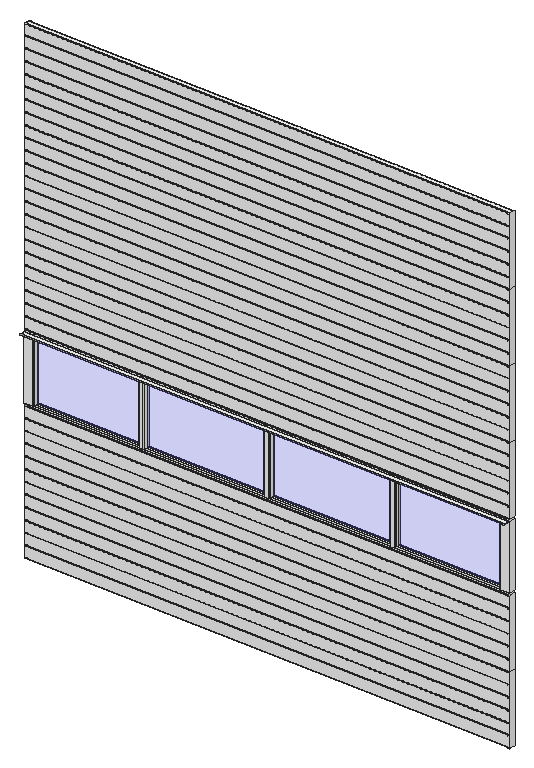
Revit family
Parameters (values of type "By Type")
  Windload = "Doors available rated for various design pressures; consult Clopay for avaialbility and specifications"
  VisSection6 = NumSections = 6  # no
  VisSection5 = NumSections > 4  # yes
  VisSection4 = NumSections > 3  # yes
  VisSection3 = NumSections > 2  # yes
  VisArray = NumSections > 6  # yes
  URL = "www.clopaydoor.com"
  Track = "Galvanized steel (gauge varies according to door size)"
  Thickness = 0' - 2"  # constant formula
  Spec Wizard = "http://www.arcat.com/specwizard/08360clo/index.htm"
  Section Height = Height / NumSections  # 2' - 0"
  Section 5 Glazing = Section : Solid
  Section 4 Glazing = Section : Solid
  Section 3 Glazing = Full Vision Section : Intermediate
  Sales Information = "http://www.clopaydoor.com/where-to-buy.aspx?type=dealer"
  Rough Width = 0' - 0"  # constant formula
  Rough Height = 0' - 0"  # constant formula
  R-Value = "15.05"
  Product Features and Benefits = "http://www.clopaydoor.com/insulated-polyurethane-applications.aspx"
  Overlapping Jamb = yes
  Overlap = if(Overlapping Jamb, 0' 1", 0' 0")  # 0' - 1"
  Opening Width = 14' - 0"
  Opening Height = 14' - 0"
  Omniclass Table = "23-30 10 17 37 "
  NumSectionsNotRounded = Height / 2' 0"  # 7
  NumSections = NumSectionsNotRounded + 0.4999  # 7
  NumArraySections = if(NumSections > 6, NumSections - 5, 2)  # 2
  Model = "3717"
  Maximum Size = "Maximum 32' 2'' wide by 26' 0'' high. Additional limitations may apply do to door weight. Consult Clopay for specificiations and shop drawings."  # constant formula
  Manufacturer Website = "http://www.clopaydoor.com"
  Manufacturer Phone Number = "1-800-526-4301"
  Manufacturer Address = "1400 W. Market St., Troy, OH 45373"
  Manufacturer = "Clopay Building Products Company"
  LEED = "http://products.construction.com/swts_content_files/151607/303186.pdf"
  Keynote = "08 36 13"
  Interior Steel = "28 ga. galvanized, primed, and finish painted"
  Hardware = "14 ga. min. steel hinges; 10-ball steel rollers"
  GreenFormat = "http://www.greenformat.com/products/1536-Polyurethane%20Insulated%20Doors.rtf"
  Function = (empty or 0)
  Height = Opening Height + Rough Width * 0  # 14' - 0"
  Wall Closure = (empty or 0)
  Width = Opening Width + Rough Width * 0  # 14' - 0"
  FloorToSection7 = 6 * Section Height  # 12' - 0"
  FloorToSection6 = 5 * Section Height  # 10' - 0"
  FloorToSection5 = 4 * Section Height  # 8' - 0"
  FloorToSection4 = 3 * Section Height  # 6' - 0"
  FloorToSection3 = 2 * Section Height  # 4' - 0"
  FloorToSection2 = Section Height  # 2' - 0"
  File Revision = "02 (August, 2012)"
  Exterior Steel = "27 ga. galvanized, primed, and finish painted"
  Double End Stiles = Door Width > 14' 2"  # no
  Door Width = Opening Width + Overlap * 2  # 14' - 2"
  Door Height = Opening Height + Rough Width * 0  # 14' - 0"
  Description = "1-3/4'' thick polyurethane insulated, stucco embossed 27 gauge steel exterior with light ribbed pattern."
  Core Material = "Expanded polyurethane"
  Copyright = "2010, Clopay Building Products Company, Inc."
  Color = White
  CAD and Specifications = "http://www.clopaydoor.com/insulated-polyurethane-specs.aspx"
  Assembly Code = "B2030410"
Reference planes (in)
  plane 1 "Center (Front/Back)": y = 0
  plane 2 "Center (Left/Right)": x = 0
  plane 3 "Left": x = -84
  plane 4 "Right": x = 84
  plane 5 "Top": z = 168
  plane 6 "Exterior": y = 3
  plane 7 "Interior": y = -3
  plane 8: z = 120
  plane 9: z = 144
Lines and regions (in)
  Opening 1
    outline origin (-90, -3, 0) x (1, 0, 0) y (0, 0, 1)
      loop
        line (6, 0) -> (174, 0) -> (174, 168) -> (6, 168) -> (6, 0)
Text (in)
  text "Exterior" at (-74.96733, 27.31104, 0), in view "Ref. Level"
  text "Interior" at (-74.96733, -25.14366, 0), in view "Ref. Level"
  text "Exterior" at (0, 40.15149, 123.01588), in view "Right"
  text "Interior" at (0, -64.39139, 123.01588), in view "Right"
  text "Interior" at (0, -31.01599, 123.00693), in view "Left"
  text "Exterior" at (0, 54.57065, 123.00693), in view "Left"
Dimensions and locks (in)
  equal spacing: plane 3 "Left", plane 2 "Center (Left/Right)", plane 4 "Right"
  "Height": level to plane 5 "Top"
  "Width": plane 3 "Left" to plane 4 "Right"
  host wall to plane 5 "Top" = 14' - 0"
  nested 1 to plane 7 "Interior" = 0' - 0 1/2"
  "FloorToSection6": plane 8 to level
  "FloorToSection7": plane 9 to level
  group 1 to group 2 = 0' - 0"  (x2)
  group 1 to group 2 = 2' - 0"
  host wall to host wall = 67' - 6"
  aligned and locked: plane 3 "Left" to Opening 1 sketch curve
  aligned and locked: plane 5 "Top" to Opening 1 sketch curve
  aligned and locked: Opening 1 sketch curve to plane 5 "Top"
  aligned and locked: Opening 1 sketch curve to plane 4 "Right"
  aligned and locked: Opening 1 sketch curve to level
  aligned and locked: plane 6 "Exterior" to host wall
  aligned and locked: host wall to plane 7 "Interior"
  aligned and locked: plane 2 "Center (Left/Right)" to nested 2
  aligned and locked: plane 2 "Center (Left/Right)" to nested 3
  aligned and locked: plane 2 "Center (Left/Right)" to nested 4
  aligned and locked: plane 2 "Center (Left/Right)" to nested 5
  aligned and locked: plane 2 "Center (Left/Right)" to nested 7
  aligned and locked: nested 7 to plane 8
  aligned and locked: nested 8 to plane 9
  aligned and locked: plane 7 "Interior" to nested 2
  aligned and locked: plane 7 "Interior" to nested 7
  aligned and locked: host wall to nested 8
  aligned and locked: plane 7 "Interior" to nested 3
  aligned and locked: host wall to nested 3
  aligned and locked: plane 7 "Interior" to nested 1
  aligned and locked: nested 2 to host wall
  aligned and locked: plane 7 "Interior" to nested 6
  aligned and locked: plane 7 "Interior" to nested 5
  aligned and locked: host wall to nested 7
  aligned and locked: plane 7 "Interior" to nested 4
Nested families (in)
  nested 1: "Section" at (0, 0, 0), type "Solid"
    with X9 0' - 7 1/2", X8 0' - 7 1/2", X7 0' - 7 1/2", X6 0' - 7 1/2", X5 0' - 7 1/2", X4 11' - 7 1/2", X3 7' - 11 1/2", X2 4' - 3 1/2", NumWindows 4, NumArrayedWindows 4, Half Door Width Neg -7' - 1", Half Door Width 7' - 1", X1 0' - 7 1/2", Door Width 14' - 2"
  nested 2: "Section" at (0, 0, 24), built-in parameter 1001364 <- "Section Height", type "Solid"
    with X9 0' - 7 1/2", X8 0' - 7 1/2", X7 0' - 7 1/2", X6 0' - 7 1/2", X5 0' - 7 1/2", X4 11' - 7 1/2", X3 7' - 11 1/2", X2 4' - 3 1/2", NumWindows 4, NumArrayedWindows 4, Half Door Width Neg -7' - 1", Half Door Width 7' - 1", X1 0' - 7 1/2", Door Width 14' - 2"
  nested 3: "Full Vision Section" at (0, 0, 48), type <- "Section 3 Glazing", built-in parameter 1001364 <- "FloorToSection3", visible <- "VisSection3", type "Intermediate"
    with SingleStileVis no, Rail Width 14' - 1 13/16", NumIntStiles 3, Half Rail Width 7' - 0 29/32", Half Door Width 7' - 1", Glass Width 14' - 0 13/16", Edge to 1st Int Stile 3' - 5", Door Width 14' - 2", ArrayStileVis yes, ArrayIntStiles 3
  nested 4: "Section" at (0, 0, 120), built-in parameter 1001364 <- "FloorToSection6", visible <- "VisSection6", type "Solid"
    with X9 0' - 7 1/2", X8 0' - 7 1/2", X7 0' - 7 1/2", X6 0' - 7 1/2", X5 0' - 7 1/2", X4 11' - 7 1/2", X3 7' - 11 1/2", X2 4' - 3 1/2", NumWindows 4, NumArrayedWindows 4, Half Door Width Neg -7' - 1", Half Door Width 7' - 1", X1 0' - 7 1/2", Door Width 14' - 2"
  nested 5: "Section" at (0, 0, 96), built-in parameter 1001364 <- "FloorToSection5", type <- "Section 5 Glazing", visible <- "VisSection5", type "Solid"
    with X9 0' - 7 1/2", X8 0' - 7 1/2", X7 0' - 7 1/2", X6 0' - 7 1/2", X5 0' - 7 1/2", X4 11' - 7 1/2", X3 7' - 11 1/2", X2 4' - 3 1/2", NumWindows 4, NumArrayedWindows 4, Half Door Width Neg -7' - 1", Half Door Width 7' - 1", X1 0' - 7 1/2", Door Width 14' - 2"
  nested 6: "Section" at (0, 0, 72), type <- "Section 4 Glazing", built-in parameter 1001364 <- "FloorToSection4", visible <- "VisSection4", type "Solid"
    with X9 0' - 7 1/2", X8 0' - 7 1/2", X7 0' - 7 1/2", X6 0' - 7 1/2", X5 0' - 7 1/2", X4 11' - 7 1/2", X3 7' - 11 1/2", X2 4' - 3 1/2", NumWindows 4, NumArrayedWindows 4, Half Door Width Neg -7' - 1", Half Door Width 7' - 1", X1 0' - 7 1/2", Door Width 14' - 2"
  nested 7: "Section" at (0, 0, 120), visible <- "VisArray", type "Solid"
    with X9 0' - 7 1/2", X8 0' - 7 1/2", X7 0' - 7 1/2", X6 0' - 7 1/2", X5 0' - 7 1/2", X4 11' - 7 1/2", X3 7' - 11 1/2", X2 4' - 3 1/2", NumWindows 4, NumArrayedWindows 4, Half Door Width Neg -7' - 1", Half Door Width 7' - 1", X1 0' - 7 1/2", Door Width 14' - 2"
  nested 8: "Section" at (0, 0, 144), visible <- "VisArray", type "Solid"
    with X9 0' - 7 1/2", X8 0' - 7 1/2", X7 0' - 7 1/2", X6 0' - 7 1/2", X5 0' - 7 1/2", X4 11' - 7 1/2", X3 7' - 11 1/2", X2 4' - 3 1/2", NumWindows 4, NumArrayedWindows 4, Half Door Width Neg -7' - 1", Half Door Width 7' - 1", X1 0' - 7 1/2", Door Width 14' - 2"
  nested 9: "Section" at (0, 4.67704, 636.93806), type "Windows - 24x8", not visible
    with X9 0' - 7 1/2", X8 0' - 7 1/2", X7 0' - 7 1/2", X6 0' - 7 1/2", X5 0' - 7 1/2", X4 11' - 7 1/2", X3 7' - 11 1/2", X2 4' - 3 1/2", NumWindows 4, NumArrayedWindows 4, Half Door Width Neg -7' - 1", Half Door Width 7' - 1", X1 0' - 7 1/2", Door Width 14' - 2"
  nested 10: "Section" at (0, 4.63986, 609.3176), type "Windows - 24x12", not visible
    with X9 0' - 7 1/2", X8 0' - 7 1/2", X7 0' - 7 1/2", X6 0' - 7 1/2", X5 0' - 7 1/2", X4 11' - 7 1/2", X3 7' - 11 1/2", X2 4' - 3 1/2", WindowSpacing 3' - 8", NumWindows 4, NumArrayedWindows 4, Half Door Width Neg -7' - 1", Half Door Width 7' - 1", X1 0' - 7 1/2", Door Width 14' - 2"
Definition of nested family "Section"
  Parameters (values of type "Windows - 24x12")
    X9 = if(if(NumArrayedWindows < NumWindows, NumArrayedWindows + 1, NumWindows) < 9, X1, X8 + WindowSpacing)  # 0' - 4 1/2"
    X8 = if(if(NumArrayedWindows < NumWindows, NumArrayedWindows + 1, NumWindows) < 8, X1, X7 + WindowSpacing)  # 0' - 4 1/2"
    X7 = if(if(NumArrayedWindows < NumWindows, NumArrayedWindows + 1, NumWindows) < 7, X1, X6 + WindowSpacing)  # 0' - 4 1/2"
    X6 = if(if(NumArrayedWindows < NumWindows, NumArrayedWindows + 1, NumWindows) < 6, X1, X5 + WindowSpacing)  # 0' - 4 1/2"
    X5 = if(if(NumArrayedWindows < NumWindows, NumArrayedWindows + 1, NumWindows) < 5, X1, X4 + WindowSpacing)  # 0' - 4 1/2"
    X4 = if(if(NumArrayedWindows < NumWindows, NumArrayedWindows + 1, NumWindows) < 4, X1, X3 + WindowSpacing)  # 0' - 4 1/2"
    X3 = if(NumWindows < 3, X1, X2 + WindowSpacing)  # 7' - 0 1/2"
    X2 = if(NumWindows < 2, ((Door Width - (NumWindows - 1) * WindowSpacing) / 2 - Cutout Width / 2), ((Door Width - (NumWindows - 1) * WindowSpacing) / 2 - Cutout Width / 2) + WindowSpacing)  # 3' - 8 1/2"
    Windows = 37xx Window Array : 24x12
    WindowVis = yes
    WindowSpacing = if(and(Door Width < 10' 0", Door Width > 9' 2"), 3' 4", 3' 8")  # 3' - 4"
    WindowCutDepth = 0' - 2"
    Section Height = 2' - 0"
    RibSpacing = Section Height / (NumRibs + 1)  # 0' - 4"
    NumWindows = if(Door Width < 9' 4", 2, if(Door Width < 13' 4", 3, if(Door Width < 16' 4", 4, if(Door Width < 20' 4", 5, if(Door Width < 24' 4", 6, if(Door Width < 26' 4", 7, if(Door Width < 31' 8", 8, 10)))))))  # 3
    NumRibs = if(Section Height < 1' 9", 3, if(Section Height < 2' 0", 4, 5))  # 5
    NumArrayedWindows = if(X2 = X1, NumWindows - 2, NumWindows)  # 3
    Half Section Height = Section Height / 2  # 1' - 0"
    Half Door Width Neg = -Half Door Width  # -4' - 8"
    Half Door Width = Door Width / 2  # 4' - 8"
    Half Cutout Height = Cutout Height / 2  # 0' - 5 1/2"
    Function = (empty or 0)
    Height = 0' - 0"
    Wall Closure = (empty or 0)
    Width = 0' - 0"
    X1 = if(or(Door Width > 31' 6", and(Door Width > 26' 2", Door Width < 28' 1"), Door Width = 24' 3", Door Width = 24' 4", and(Door Width > 20' 2", Door Width < 20' 11"), and(Door Width > 16' 2", Door Width < 17' 3")), X2, (Door Width - (NumWindows - 1) * WindowSpacing) / 2 - Cutout Width / 2)  # 0' - 4 1/2"
    Door Width = 9' - 4"
    CutoutToCutout = 1' - 0"
    Cutout Width = 1' - 11"
    Cutout Height = 0' - 11"
    Color = White
    BtmTo1stRib = RibSpacing  # 0' - 4"
    Assembly Code = ""
  Types (3): name | X7 | X6 | X5 | X4 | X3 | X2 | Windows | WindowVis | WindowSpacing | WindowCutDepth | NumWindows | NumArrayedWindows | Half Door Width Neg | Half Door Width | Half Cutout Height | Door Width | Cutout Height
    Windows - 24x12 | 0' - 4 1/2" | 0' - 4 1/2" | 0' - 4 1/2" | 0' - 4 1/2" | 7' - 0 1/2" | 3' - 8 1/2" | 37xx Window Array : 24x12 | yes | 3' - 4" | 0' - 2" | 3 | 3 | -4' - 8" | 4' - 8" | 0' - 5 1/2" | 9' - 4" | 0' - 11"
    Windows - 24x8 | 22' - 4 1/2" | 18' - 8 1/2" | 15' - 0 1/2" | 11' - 4 1/2" | 7' - 8 1/2" | 4' - 0 1/2" | 37xx Window Array : 24x8 | yes | 3' - 8" | 0' - 2" | 7 | 7 | -12' - 4" | 12' - 4" | 0' - 3 1/2" | 24' - 8" | 0' - 7"
    Solid | 22' - 4 1/2" | 18' - 8 1/2" | 15' - 0 1/2" | 11' - 4 1/2" | 7' - 8 1/2" | 4' - 0 1/2" | 37xx Window Array : 24x8 | no | 3' - 8" | -0' - 0 13/128" | 7 | 7 | -12' - 4" | 12' - 4" | 0' - 3 1/2" | 24' - 8" | 0' - 7"
  Reference planes (in)
    plane 1 "Center (Front/Back)": y = 0
    plane 2 "Center (Left/Right)": x = 0
    plane 3 "Exterior": y = 3
    plane 4 "Interior": y = -3
    plane 5: y = -3.5
    plane 6: x = 56
    plane 7: x = -56
    plane 8: z = 4
    plane 9: z = 8
    plane 10: z = 24
    plane 11: z = 12
    plane 12: z = 0
  Forms (in)
    Extrusion 1, solid, material "White" <- "Color"
      sketch origin (-56, -12, 83.08252) x (0, 0, 1) y (0, -1, 0)
        loop
          line (-59.08252, -8.37573) -> (-59.08252, -6.62444)
          arc (-59.08252, -6.62444) -> (-59.11897, -6.53645) -> (-59.20696, -6.5) r 0.12444
          line (-59.20696, -6.5) -> (-82.95809, -6.5)
          arc (-82.95809, -6.5) -> (-83.04608, -6.53645) -> (-83.08252, -6.62444) r 0.12444
          line (-83.08252, -6.62444) -> (-83.08252, -8.37573)
          arc (-83.08252, -8.37573) -> (-83.04612, -8.4636) -> (-82.95825, -8.5) r 0.12427
          line (-82.95825, -8.5) -> (-59.20679, -8.5)
          arc (-59.20679, -8.5) -> (-59.11892, -8.4636) -> (-59.08252, -8.37573) r 0.12427
      from 0 to 112 <- "Door Width"
    Extrusion 2, void
      sketch origin (0, 0, -0.5) x (0, -1, 0) y (0, 0, 1)
        loop
          line (3.5, 4.62727) -> (3.5, 4.37273) -> (3.53032, 4.41942)
          arc (3.53032, 4.41942) -> (3.53753, 4.43506) -> (3.54, 4.4521) r 0.06
          line (3.54, 4.4521) -> (3.54, 4.5479)
          arc (3.54, 4.5479) -> (3.53753, 4.56494) -> (3.53032, 4.58058) r 0.06
          line (3.53032, 4.58058) -> (3.5, 4.62727)
      from -56 <- "Half Door Width Neg" to 112 <- "Door Width"
    Extrusion 3, void
      sketch origin (0, 0, 3.5) x (0, -1, 0) y (0, 0, 1)
        loop
          line (3.5, 4.62727) -> (3.5, 4.37273) -> (3.53032, 4.41942)
          arc (3.53032, 4.41942) -> (3.53753, 4.43506) -> (3.54, 4.4521) r 0.06
          line (3.54, 4.4521) -> (3.54, 4.5479)
          arc (3.54, 4.5479) -> (3.53753, 4.56494) -> (3.53032, 4.58058) r 0.06
          line (3.53032, 4.58058) -> (3.5, 4.62727)
      from -56 <- "Half Door Width Neg" to 112 <- "Door Width"
    Extrusion 4, void
      sketch origin (0, 0, 7.5) x (0, -1, 0) y (0, 0, 1)
        loop
          line (3.5, 4.62727) -> (3.5, 4.37273) -> (3.53032, 4.41942)
          arc (3.53032, 4.41942) -> (3.53753, 4.43506) -> (3.54, 4.4521) r 0.06
          line (3.54, 4.4521) -> (3.54, 4.5479)
          arc (3.54, 4.5479) -> (3.53753, 4.56494) -> (3.53032, 4.58058) r 0.06
          line (3.53032, 4.58058) -> (3.5, 4.62727)
      from -56 <- "Half Door Width Neg" to 112 <- "Door Width"
    Extrusion 5, void
      sketch origin (0, -8.99984, -0.5) x (0, 1, 0) y (0, 0, -1)
        loop
          line (3.5, -4.62727) -> (3.53032, -4.58058)
          arc (3.53032, -4.58058) -> (3.53753, -4.56494) -> (3.54, -4.5479) r 0.06
          line (3.54, -4.5479) -> (3.54, -4.4521)
          arc (3.54, -4.4521) -> (3.53753, -4.43506) -> (3.53032, -4.41942) r 0.06
          line (3.53032, -4.41942) -> (3.5, -4.37273) -> (3.5, -4.62727)
      from -56 <- "Half Door Width Neg" to 112 <- "Door Width"
    Extrusion 6, void
      sketch origin (0, -8.99984, 3.5) x (0, 1, 0) y (0, 0, -1)
        loop
          line (3.5, -4.62727) -> (3.53032, -4.58058)
          arc (3.53032, -4.58058) -> (3.53753, -4.56494) -> (3.54, -4.5479) r 0.06
          line (3.54, -4.5479) -> (3.54, -4.4521)
          arc (3.54, -4.4521) -> (3.53753, -4.43506) -> (3.53032, -4.41942) r 0.06
          line (3.53032, -4.41942) -> (3.5, -4.37273) -> (3.5, -4.62727)
      from -56 <- "Half Door Width Neg" to 112 <- "Door Width"
    Extrusion 7, void
      sketch origin (0, -8.99984, 7.5) x (0, 1, 0) y (0, 0, -1)
        loop
          line (3.5, -4.62727) -> (3.53032, -4.58058)
          arc (3.53032, -4.58058) -> (3.53753, -4.56494) -> (3.54, -4.5479) r 0.06
          line (3.54, -4.5479) -> (3.54, -4.4521)
          arc (3.54, -4.4521) -> (3.53753, -4.43506) -> (3.53032, -4.41942) r 0.06
          line (3.53032, -4.41942) -> (3.5, -4.37273) -> (3.5, -4.62727)
      from -56 <- "Half Door Width Neg" to 112 <- "Door Width"
    Extrusion 8, void
      sketch origin (-98.15385, -3.5, 48) x (1, 0, 0) y (0, 0, 1)
        loop
          line (149.65385, -30.5) -> (126.65385, -30.5) -> (126.65385, -36) -> (149.65385, -36) -> (149.65385, -30.5)
      from 0 to 2 <- "WindowCutDepth"
    Extrusion 9, void
      sketch origin (-98.15385, -3.5, -24) x (1, 0, 0) y (0, 0, 1)
        loop
          line (149.65385, 30.5) -> (149.65385, 36) -> (126.65385, 36) -> (126.65385, 30.5) -> (149.65385, 30.5)
      from 0 to 2 <- "WindowCutDepth"
    Extrusion 10, void
      sketch origin (-136.15385, -3.5, 48) x (1, 0, 0) y (0, 0, 1)
        loop
          line (147.65385, -30.5) -> (124.65385, -30.5) -> (124.65385, -36) -> (147.65385, -36) -> (147.65385, -30.5)
      from 0 to 2 <- "WindowCutDepth"
    Extrusion 11, void
      sketch origin (-136.15385, -3.5, -24) x (1, 0, 0) y (0, 0, 1)
        loop
          line (147.65385, 30.5) -> (147.65385, 36) -> (124.65385, 36) -> (124.65385, 30.5) -> (147.65385, 30.5)
      from 0 to 2 <- "WindowCutDepth"
    Extrusion 12, void
      sketch origin (-171.15385, -3.5, 48) x (1, 0, 0) y (0, 0, 1)
        loop
          line (142.65385, -30.5) -> (119.65385, -30.5) -> (119.65385, -36) -> (142.65385, -36) -> (142.65385, -30.5)
      from 0 to 2 <- "WindowCutDepth"
    Extrusion 13, void
      sketch origin (-171.15385, -3.5, -24) x (1, 0, 0) y (0, 0, 1)
        loop
          line (142.65385, 30.5) -> (142.65385, 36) -> (119.65385, 36) -> (119.65385, 30.5) -> (142.65385, 30.5)
      from 0 to 2 <- "WindowCutDepth"
    Extrusion 14, void
      sketch origin (-214.15385, -3.5, 48) x (1, 0, 0) y (0, 0, 1)
        loop
          line (265.65385, -30.5) -> (242.65385, -30.5) -> (242.65385, -36) -> (265.65385, -36) -> (265.65385, -30.5)
      from 0 to 2 <- "WindowCutDepth"
    Extrusion 15, void
      sketch origin (-214.15385, -3.5, -24) x (1, 0, 0) y (0, 0, 1)
        loop
          line (265.65385, 30.5) -> (265.65385, 36) -> (242.65385, 36) -> (242.65385, 30.5) -> (265.65385, 30.5)
      from 0 to 2 <- "WindowCutDepth"
    Extrusion 16, void
      sketch origin (-256.15385, -3.5, 48) x (1, 0, 0) y (0, 0, 1)
        loop
          line (307.65385, -30.5) -> (284.65385, -30.5) -> (284.65385, -36) -> (307.65385, -36) -> (307.65385, -30.5)
      from 0 to 2 <- "WindowCutDepth"
    Extrusion 17, void
      sketch origin (-256.15385, -3.5, -24) x (1, 0, 0) y (0, 0, 1)
        loop
          line (307.65385, 30.5) -> (307.65385, 36) -> (284.65385, 36) -> (284.65385, 30.5) -> (307.65385, 30.5)
      from 0 to 2 <- "WindowCutDepth"
    Extrusion 18, void
      sketch origin (-294.15385, -3.5, 48) x (1, 0, 0) y (0, 0, 1)
        loop
          line (345.65385, -30.5) -> (322.65385, -30.5) -> (322.65385, -36) -> (345.65385, -36) -> (345.65385, -30.5)
      from 0 to 2 <- "WindowCutDepth"
    Extrusion 19, void
      sketch origin (-294.15385, -3.5, -24) x (1, 0, 0) y (0, 0, 1)
        loop
          line (345.65385, 30.5) -> (345.65385, 36) -> (322.65385, 36) -> (322.65385, 30.5) -> (345.65385, 30.5)
      from 0 to 2 <- "WindowCutDepth"
    Extrusion 20, void
      sketch origin (-331.15385, -3.5, 48) x (1, 0, 0) y (0, 0, 1)
        loop
          line (382.65385, -30.5) -> (359.65385, -30.5) -> (359.65385, -36) -> (382.65385, -36) -> (382.65385, -30.5)
      from 0 to 2 <- "WindowCutDepth"
    Extrusion 21, void
      sketch origin (-331.15385, -3.5, -24) x (1, 0, 0) y (0, 0, 1)
        loop
          line (382.65385, 30.5) -> (382.65385, 36) -> (359.65385, 36) -> (359.65385, 30.5) -> (382.65385, 30.5)
      from 0 to 2 <- "WindowCutDepth"
    Extrusion 22, void
      sketch origin (-368.15385, -3.5, 48) x (1, 0, 0) y (0, 0, 1)
        loop
          line (419.65385, -30.5) -> (396.65385, -30.5) -> (396.65385, -36) -> (419.65385, -36) -> (419.65385, -30.5)
      from 0 to 2 <- "WindowCutDepth"
    Extrusion 23, void
      sketch origin (-368.15385, -3.5, -24) x (1, 0, 0) y (0, 0, 1)
        loop
          line (419.65385, 30.5) -> (419.65385, 36) -> (396.65385, 36) -> (396.65385, 30.5) -> (419.65385, 30.5)
      from 0 to 2 <- "WindowCutDepth"
    Extrusion 24, void
      sketch origin (-407.15385, -3.5, 48) x (1, 0, 0) y (0, 0, 1)
        loop
          line (458.65385, -30.5) -> (435.65385, -30.5) -> (435.65385, -36) -> (458.65385, -36) -> (458.65385, -30.5)
      from 0 to 2 <- "WindowCutDepth"
    Extrusion 25, void
      sketch origin (-407.15385, -3.5, -24) x (1, 0, 0) y (0, 0, 1)
        loop
          line (458.65385, 30.5) -> (458.65385, 36) -> (435.65385, 36) -> (435.65385, 30.5) -> (458.65385, 30.5)
      from 0 to 2 <- "WindowCutDepth"
    Extrusion 26, void
      sketch origin (0, 0, 11.5) x (0, -1, 0) y (0, 0, 1)
        loop
          line (3.5, 4.62727) -> (3.5, 4.37273) -> (3.53032, 4.41942)
          arc (3.53032, 4.41942) -> (3.53753, 4.43506) -> (3.54, 4.4521) r 0.06
          line (3.54, 4.4521) -> (3.54, 4.5479)
          arc (3.54, 4.5479) -> (3.53753, 4.56494) -> (3.53032, 4.58058) r 0.06
          line (3.53032, 4.58058) -> (3.5, 4.62727)
      from -56 <- "Half Door Width Neg" to 112 <- "Door Width"
    Extrusion 27, void
      sketch origin (0, -8.99984, 11.5) x (0, 1, 0) y (0, 0, -1)
        loop
          line (3.5, -4.62727) -> (3.53032, -4.58058)
          arc (3.53032, -4.58058) -> (3.53753, -4.56494) -> (3.54, -4.5479) r 0.06
          line (3.54, -4.5479) -> (3.54, -4.4521)
          arc (3.54, -4.4521) -> (3.53753, -4.43506) -> (3.53032, -4.41942) r 0.06
          line (3.53032, -4.41942) -> (3.5, -4.37273) -> (3.5, -4.62727)
      from -56 <- "Half Door Width Neg" to 112 <- "Door Width"
    Extrusion 28, void
      sketch origin (0, 0, 15.5) x (0, -1, 0) y (0, 0, 1)
        loop
          line (3.5, 4.62727) -> (3.5, 4.37273) -> (3.53032, 4.41942)
          arc (3.53032, 4.41942) -> (3.53753, 4.43506) -> (3.54, 4.4521) r 0.06
          line (3.54, 4.4521) -> (3.54, 4.5479)
          arc (3.54, 4.5479) -> (3.53753, 4.56494) -> (3.53032, 4.58058) r 0.06
          line (3.53032, 4.58058) -> (3.5, 4.62727)
      from -56 <- "Half Door Width Neg" to 112 <- "Door Width"
    Extrusion 29, void
      sketch origin (0, -8.99984, 15.5) x (0, 1, 0) y (0, 0, -1)
        loop
          line (3.5, -4.62727) -> (3.53032, -4.58058)
          arc (3.53032, -4.58058) -> (3.53753, -4.56494) -> (3.54, -4.5479) r 0.06
          line (3.54, -4.5479) -> (3.54, -4.4521)
          arc (3.54, -4.4521) -> (3.53753, -4.43506) -> (3.53032, -4.41942) r 0.06
          line (3.53032, -4.41942) -> (3.5, -4.37273) -> (3.5, -4.62727)
      from -56 <- "Half Door Width Neg" to 112 <- "Door Width"
  Cuts and joins
    Extrusion 2, Extrusion 3, Extrusion 4, Extrusion 5, Extrusion 6, Extrusion 7, Extrusion 8, Extrusion 9, Extrusion 10, Extrusion 11, Extrusion 12, Extrusion 13, Extrusion 14, Extrusion 15, Extrusion 16, Extrusion 17, Extrusion 18, Extrusion 19, Extrusion 20, Extrusion 21, Extrusion 22, Extrusion 23, Extrusion 24, Extrusion 25, Extrusion 26, Extrusion 27, Extrusion 28, Extrusion 29 cuts Extrusion 1
  Lines and regions (in)
    reference lines
      curve 1: line (-72, -3.54, 4) -> (-72, -3.5, 4)
      curve 2: line (-72, -5.45984, 4) -> (-72, -5.49984, 4)
      curve 3: line (-72, -3.54, 8) -> (-72, -3.5, 8)
      curve 4: line (-72, -3.54, 12) -> (-72, -3.5, 12)
      curve 5: line (-72, -5.45984, 4) -> (-72, -5.49984, 4)
      curve 6: line (-72, -5.45984, 8) -> (-72, -5.49984, 8)
      curve 7: line (-72, -5.45984, 12) -> (-72, -5.49984, 12)
      curve 8: line (-72, -3.54, 16) -> (-72, -3.5, 16)
      curve 9: line (-72, -5.45984, 16) -> (-72, -5.49984, 16)
      curve 10: line (-72, -3.54, 20) -> (-72, -3.5, 20)
      curve 11: line (-72, -5.45984, 20) -> (-72, -5.49984, 20)
  Text (in)
    text "Exterior" at (-74.96733, 27.31104, 0), in view "Ref. Level"
    text "Interior" at (-74.96733, -25.14366, 0), in view "Ref. Level"
    text "Exterior" at (0, 40.15149, 123.01588), in view "Right"
    text "Interior" at (0, -64.39139, 123.01588), in view "Right"
    text "Interior" at (0, -31.01599, 123.00693), in view "Left"
    text "Exterior" at (0, 54.57065, 123.00693), in view "Left"
  Dimensions and locks (in)
    plane 4 "Interior" to plane 5 = 0' - 0 1/2"
    "Half Door Width": plane 2 "Center (Left/Right)" to plane 7
    "Half Door Width": plane 6 to plane 2 "Center (Left/Right)"
    Extrusion 1 sketch curve to Extrusion 1 sketch curve = 0' - 2"
    Extrusion 2 sketch curve to Extrusion 2 sketch curve = 0' - 0.25454"
    Extrusion 2 sketch curve to Extrusion 2 sketch curve = 0' - 0.04"  (x2)
    "BtmTo1stRib": plane 8 to level
    curve 1 to Extrusion 2 sketch curve = 0' - 0.12727"
    "RibSpacing": plane 9 to plane 8
    "Section Height": plane 10 to level
    Extrusion 3 sketch curve to Extrusion 3 sketch curve = 0' - 0.25454"
    Extrusion 3 sketch curve to Extrusion 3 sketch curve = 0' - 0.04"  (x2)
    curve 3 to Extrusion 3 sketch curve = 0' - 0.12727"
    equal spacing: group 1, group 2, group 3, group 4, group 5  (x3)
    Extrusion 4 sketch curve to Extrusion 4 sketch curve = 0' - 0.25454"
    Extrusion 4 sketch curve to Extrusion 4 sketch curve = 0' - 0.04"  (x2)
    curve 4 to Extrusion 4 sketch curve = 0' - 0.12727"
    Extrusion 5 sketch curve to Extrusion 5 sketch curve = 0' - 0.25454"
    Extrusion 5 sketch curve to Extrusion 5 sketch curve = 0' - 0.04"  (x2)
    Extrusion 5 sketch curve to curve 5 = 0' - 0.12727"
    Extrusion 6 sketch curve to Extrusion 6 sketch curve = 0' - 0.25454"
    Extrusion 6 sketch curve to Extrusion 6 sketch curve = 0' - 0.04"  (x2)
    Extrusion 6 sketch curve to curve 6 = 0' - 0.12727"
    Extrusion 7 sketch curve to Extrusion 7 sketch curve = 0' - 0.25454"
    Extrusion 7 sketch curve to Extrusion 7 sketch curve = 0' - 0.04"  (x2)
    Extrusion 7 sketch curve to curve 7 = 0' - 0.12727"
    "Half Section Height": level to plane 11
    "Cutout Width": Extrusion 8 sketch curve to Extrusion 8 sketch curve
    "Half Cutout Height": Extrusion 8 sketch curve to Extrusion 8 sketch curve
    "Cutout Width": Extrusion 9 sketch curve to Extrusion 9 sketch curve
    "Half Cutout Height": Extrusion 9 sketch curve to Extrusion 9 sketch curve
    "X1": cut or joined group 1 (Extrusion 1, Extrusion 2, Extrusion 3, Extrusion 4, Extrusion 5, Extrusion 6, Extrusion 7, Extrusion 8, Extrusion 9, Extrusion 10, Extrusion 11, Extrusion 12, Extrusion 13, Extrusion 14, Extrusion 15, Extrusion 16, Extrusion 17, Extrusion 18, Extrusion 19, Extrusion 20, Extrusion 21, Extrusion 22, Extrusion 23, Extrusion 24, Extrusion 25, Extrusion 26, Extrusion 27, Extrusion 28, Extrusion 29) to cut or joined group 1
    "Cutout Width": Extrusion 10 sketch curve to Extrusion 10 sketch curve
    "Half Cutout Height": Extrusion 10 sketch curve to Extrusion 10 sketch curve
    "Cutout Width": Extrusion 11 sketch curve to Extrusion 11 sketch curve
    "Half Cutout Height": Extrusion 11 sketch curve to Extrusion 11 sketch curve
    "Cutout Width": Extrusion 12 sketch curve to Extrusion 12 sketch curve
    "Half Cutout Height": Extrusion 12 sketch curve to Extrusion 12 sketch curve
    "Cutout Width": Extrusion 13 sketch curve to Extrusion 13 sketch curve
    "Half Cutout Height": Extrusion 13 sketch curve to Extrusion 13 sketch curve
    "X2": plane 6 to cut or joined group 1
    "X3": plane 6 to cut or joined group 1
    "Cutout Width": Extrusion 14 sketch curve to Extrusion 14 sketch curve
    "Half Cutout Height": Extrusion 14 sketch curve to Extrusion 14 sketch curve
    "Cutout Width": Extrusion 15 sketch curve to Extrusion 15 sketch curve
    "Half Cutout Height": Extrusion 15 sketch curve to Extrusion 15 sketch curve
    "Cutout Width": Extrusion 16 sketch curve to Extrusion 16 sketch curve
    "Half Cutout Height": Extrusion 16 sketch curve to Extrusion 16 sketch curve
    "Cutout Width": Extrusion 17 sketch curve to Extrusion 17 sketch curve
    "Half Cutout Height": Extrusion 17 sketch curve to Extrusion 17 sketch curve
    "Cutout Width": Extrusion 18 sketch curve to Extrusion 18 sketch curve
    "Half Cutout Height": Extrusion 18 sketch curve to Extrusion 18 sketch curve
    "Cutout Width": Extrusion 19 sketch curve to Extrusion 19 sketch curve
    "Half Cutout Height": Extrusion 19 sketch curve to Extrusion 19 sketch curve
    "Cutout Width": Extrusion 20 sketch curve to Extrusion 20 sketch curve
    "Half Cutout Height": Extrusion 20 sketch curve to Extrusion 20 sketch curve
    "Cutout Width": Extrusion 21 sketch curve to Extrusion 21 sketch curve
    "Half Cutout Height": Extrusion 21 sketch curve to Extrusion 21 sketch curve
    "Cutout Width": Extrusion 22 sketch curve to Extrusion 22 sketch curve
    "Half Cutout Height": Extrusion 22 sketch curve to Extrusion 22 sketch curve
    "Cutout Width": Extrusion 23 sketch curve to Extrusion 23 sketch curve
    "Half Cutout Height": Extrusion 23 sketch curve to Extrusion 23 sketch curve
    "Cutout Width": Extrusion 24 sketch curve to Extrusion 24 sketch curve
    "Half Cutout Height": Extrusion 24 sketch curve to Extrusion 24 sketch curve
    "Cutout Width": Extrusion 25 sketch curve to Extrusion 25 sketch curve
    "Half Cutout Height": Extrusion 25 sketch curve to Extrusion 25 sketch curve
    "X4": plane 6 to cut or joined group 1
    "X5": plane 6 to cut or joined group 1
    "X6": plane 6 to cut or joined group 1
    "X7": plane 6 to cut or joined group 1
    "X8": plane 6 to cut or joined group 1
    "X9": plane 6 to cut or joined group 1
    locked: nested 1 to cut or joined group 1 at 1  (x2)
    locked: nested 1 to cut or joined group 1 at 0.125
    Extrusion 26 sketch curve to Extrusion 26 sketch curve = 0' - 0.25454"
    Extrusion 26 sketch curve to Extrusion 26 sketch curve = 0' - 0.04"  (x2)
    curve 8 to Extrusion 26 sketch curve = 0' - 0.12727"
    Extrusion 27 sketch curve to Extrusion 27 sketch curve = 0' - 0.25454"
    Extrusion 27 sketch curve to Extrusion 27 sketch curve = 0' - 0.04"  (x2)
    Extrusion 27 sketch curve to curve 9 = 0' - 0.12727"
    Extrusion 28 sketch curve to Extrusion 28 sketch curve = 0' - 0.25454"
    Extrusion 28 sketch curve to Extrusion 28 sketch curve = 0' - 0.04"  (x2)
    curve 10 to Extrusion 28 sketch curve = 0' - 0.12727"
    Extrusion 29 sketch curve to Extrusion 29 sketch curve = 0' - 0.25454"
    Extrusion 29 sketch curve to Extrusion 29 sketch curve = 0' - 0.04"  (x2)
    Extrusion 29 sketch curve to curve 11 = 0' - 0.12727"
    locked: plane 4 "Interior" to cut or joined group 1 at 0.5
    radius of Extrusion 1 sketch curve = 0' - 0.12427"  (x2)
    radius of Extrusion 1 sketch curve = 0' - 0.12444"  (x2)
    angle Extrusion 2 sketch curve to Extrusion 2 sketch curve = 147.00°  (x2)
    angle Extrusion 3 sketch curve to Extrusion 3 sketch curve = 147.00°  (x2)
    angle Extrusion 4 sketch curve to Extrusion 4 sketch curve = 147.00°  (x2)
    angle Extrusion 5 sketch curve to Extrusion 5 sketch curve = 147.00°  (x2)
    angle Extrusion 6 sketch curve to Extrusion 6 sketch curve = 147.00°  (x2)
    angle Extrusion 7 sketch curve to Extrusion 7 sketch curve = 147.00°  (x2)
    angle Extrusion 26 sketch curve to Extrusion 26 sketch curve = 147.00°  (x2)
    angle Extrusion 27 sketch curve to Extrusion 27 sketch curve = 147.00°  (x2)
    angle Extrusion 28 sketch curve to Extrusion 28 sketch curve = 147.00°  (x2)
    angle Extrusion 29 sketch curve to Extrusion 29 sketch curve = 147.00°  (x2)
    aligned and locked: Extrusion 1 sketch curve to plane 5
    aligned and locked: plane 8 to curve 1
    aligned and locked: plane 9 to curve 3
    aligned and locked: Extrusion 8 sketch curve to plane 11
    aligned and locked: plane 11 to Extrusion 9 sketch curve
    aligned and locked: cut or joined group 1 to cut or joined group 1  (x9)
    aligned and locked: plane 12 to level
  Automatic sketch dimensions
    curve 2 to curve 1 = 0' - 1.91984"
    curve 1 to curve 1 = 0' - 0.04"  (x2)
    curve 1 to curve 2 = 0' - 1.91984"
    curve 2 to curve 2 = 0' - 0.04"  (x2)
    Extrusion 2 sketch curve to Extrusion 2 sketch curve = 0' - 0"
    Extrusion 2 sketch curve to Extrusion 2 sketch curve = 0' - 0.02"
    Extrusion 2 sketch curve to Extrusion 2 sketch curve = 0' - 0.00968"  (x2)
    curve 5 to curve 1 = 0' - 0"
    curve 1 to curve 5 = 0' - 1.91984"
    curve 5 to curve 5 = 0' - 0.04"
    Extrusion 5 sketch curve to Extrusion 5 sketch curve = 0' - 0"
    Extrusion 5 sketch curve to Extrusion 5 sketch curve = 0' - 0.02"
    Extrusion 5 sketch curve to Extrusion 5 sketch curve = 0' - 0.00968"  (x2)
    Extrusion 3 sketch curve to Extrusion 3 sketch curve = 0' - 0"
    Extrusion 3 sketch curve to Extrusion 3 sketch curve = 0' - 0.02"
    Extrusion 3 sketch curve to Extrusion 3 sketch curve = 0' - 0.00968"  (x2)
    curve 6 to curve 3 = 0' - 0"
    curve 3 to curve 3 = 0' - 0.04"
    curve 3 to curve 6 = 0' - 1.91984"
    curve 6 to curve 6 = 0' - 0.04"
    Extrusion 4 sketch curve to Extrusion 4 sketch curve = 0' - 0"
    Extrusion 4 sketch curve to Extrusion 4 sketch curve = 0' - 0.02"
    Extrusion 4 sketch curve to Extrusion 4 sketch curve = 0' - 0.00968"  (x2)
    curve 7 to curve 4 = 0' - 0"
    curve 4 to curve 4 = 0' - 0.04"
    curve 4 to curve 7 = 0' - 1.91984"
    curve 7 to curve 7 = 0' - 0.04"
    Extrusion 7 sketch curve to Extrusion 7 sketch curve = 0' - 0.00968"
    Extrusion 6 sketch curve to Extrusion 6 sketch curve = 0' - 0.00968"
    curve 2 to plane 8 = 0' - 0"
    curve 2 to plane 5 = 0' - 1.95984"
    Extrusion 8 sketch curve to plane 6 = 2' - 3 1/2"
    Extrusion 9 sketch curve to plane 6 = 2' - 3 1/2"
    Extrusion 10 sketch curve to plane 11 = 0' - 0"
    Extrusion 10 sketch curve to plane 6 = 5' - 7 1/2"
    Extrusion 11 sketch curve to plane 11 = 0' - 0"
    Extrusion 11 sketch curve to plane 6 = 5' - 7 1/2"
    Extrusion 12 sketch curve to plane 11 = 0' - 0"
    Extrusion 12 sketch curve to plane 6 = 8' - 11 1/2"
    Extrusion 13 sketch curve to plane 11 = 0' - 0"
    Extrusion 13 sketch curve to plane 6 = 8' - 11 1/2"
    Extrusion 14 sketch curve to plane 11 = 0' - 0"
    plane 2 "Center (Left/Right)" to Extrusion 14 sketch curve = 2' - 4 1/2"
    Extrusion 15 sketch curve to plane 11 = 0' - 0"
    plane 2 "Center (Left/Right)" to Extrusion 15 sketch curve = 2' - 4 1/2"
    Extrusion 16 sketch curve to plane 11 = 0' - 0"
    plane 2 "Center (Left/Right)" to Extrusion 16 sketch curve = 2' - 4 1/2"
    Extrusion 17 sketch curve to plane 11 = 0' - 0"
    plane 2 "Center (Left/Right)" to Extrusion 17 sketch curve = 2' - 4 1/2"
    Extrusion 18 sketch curve to plane 11 = 0' - 0"
    plane 2 "Center (Left/Right)" to Extrusion 18 sketch curve = 2' - 4 1/2"
    Extrusion 19 sketch curve to plane 11 = 0' - 0"
    plane 2 "Center (Left/Right)" to Extrusion 19 sketch curve = 2' - 4 1/2"
    Extrusion 20 sketch curve to plane 11 = 0' - 0"
    plane 2 "Center (Left/Right)" to Extrusion 20 sketch curve = 2' - 4 1/2"
    Extrusion 21 sketch curve to plane 11 = 0' - 0"
    plane 2 "Center (Left/Right)" to Extrusion 21 sketch curve = 2' - 4 1/2"
    Extrusion 22 sketch curve to plane 11 = 0' - 0"
    plane 7 to Extrusion 22 sketch curve = 7' - 0 1/2"
    Extrusion 23 sketch curve to plane 11 = 0' - 0"
    plane 7 to Extrusion 23 sketch curve = 7' - 0 1/2"
    Extrusion 24 sketch curve to plane 11 = 0' - 0"
    plane 7 to Extrusion 24 sketch curve = 7' - 0 1/2"
    Extrusion 25 sketch curve to plane 11 = 0' - 0"
    plane 7 to Extrusion 25 sketch curve = 7' - 0 1/2"
    Extrusion 1 sketch curve to plane 10 = 0' - 0"
    Extrusion 1 sketch curve to level = 0' - 0"
    Extrusion 26 sketch curve to Extrusion 26 sketch curve = 0' - 0"
    Extrusion 26 sketch curve to Extrusion 26 sketch curve = 0' - 0.02"
    Extrusion 26 sketch curve to Extrusion 26 sketch curve = 0' - 0.00968"  (x2)
    curve 9 to curve 8 = 0' - 0"
    curve 8 to curve 8 = 0' - 0.04"
    curve 8 to curve 9 = 0' - 1.91984"
    curve 9 to curve 9 = 0' - 0.04"
    Extrusion 27 sketch curve to Extrusion 27 sketch curve = 0' - 0"
    Extrusion 27 sketch curve to Extrusion 27 sketch curve = 0' - 0.02"
    Extrusion 27 sketch curve to Extrusion 27 sketch curve = 0' - 0.00968"  (x2)
    Extrusion 28 sketch curve to Extrusion 28 sketch curve = 0' - 0"
    Extrusion 28 sketch curve to Extrusion 28 sketch curve = 0' - 0.02"
    Extrusion 28 sketch curve to Extrusion 28 sketch curve = 0' - 0.00968"  (x2)
    curve 11 to curve 10 = 0' - 0"
    curve 10 to curve 10 = 0' - 0.04"
    curve 10 to curve 11 = 0' - 1.91984"
    curve 11 to curve 11 = 0' - 0.04"
    Extrusion 29 sketch curve to Extrusion 29 sketch curve = 0' - 0"
    Extrusion 29 sketch curve to Extrusion 29 sketch curve = 0' - 0.02"
    Extrusion 29 sketch curve to Extrusion 29 sketch curve = 0' - 0.00968"  (x2)
  Nested families (in)
    nested 1: "37xx Window Array" at (40, -3.375, 7.5) x (-1, 0, 0) z (0, 0, 1), type <- "Windows", visible <- "WindowVis", type "24x12"
      with Window Spacing 3' - 4"
  Definition of nested family "37xx Window Array"
    Parameters (values of type "24x8")
      Window Spacing = 3' - 8"
      NumWindows = 3
      Frame Width = 2' - 1"
      Frame Height = 0' - 9"
      Color = White
      Assembly Code = ""
    Types (2): name | Frame Height | Color
      24x8 | 0' - 9" | White
      24x12 | 1' - 1" | none
    Reference planes (in)
      plane 1 "Center (Front/Back)": y = 0
      plane 2: z = 0
      plane 3 "Center (Left/Right)": x = 0
      plane 4: y = -1
    Forms (in)
      Extrusion 1, solid, material "White" <- "Color"
        sketch origin (-1.38592, 0, 0) x (1, 0, 0) y (0, 0, 1)
          loop
            line (-8.86408, 1.625) -> (11.63592, 1.625)
            arc (11.63592, 1.625) -> (12.07786, 1.80806) -> (12.26092, 2.25) r 0.625
            line (12.26092, 2.25) -> (12.26092, 6.75)
            arc (12.26092, 6.75) -> (12.07786, 7.19194) -> (11.63592, 7.375) r 0.625
            line (11.63592, 7.375) -> (-8.86408, 7.375)
            arc (-8.86408, 7.375) -> (-9.30602, 7.19194) -> (-9.48908, 6.75) r 0.625
            line (-9.48908, 6.75) -> (-9.48908, 2.25)
            arc (-9.48908, 2.25) -> (-9.30602, 1.80806) -> (-8.86408, 1.625) r 0.625
          loop
            line (-10.48908, 0) -> (13.26092, 0)
            arc (13.26092, 0) -> (13.70286, 0.18306) -> (13.88592, 0.625) r 0.625
            line (13.88592, 0.625) -> (13.88592, 8.375)
            arc (13.88592, 8.375) -> (13.70286, 8.81694) -> (13.26092, 9) r 0.625
            line (13.26092, 9) -> (-10.48908, 9)
            arc (-10.48908, 9) -> (-10.93102, 8.81694) -> (-11.11408, 8.375) r 0.625
            line (-11.11408, 8.375) -> (-11.11408, 0.625)
            arc (-11.11408, 0.625) -> (-10.93102, 0.18306) -> (-10.48908, 0) r 0.625
        from 0 to 2.25
      Extrusion 2, solid, material "Glass"
        sketch origin (0, -1, 15.9844) x (0, 0, 1) y (-1, 0, 0)
          loop
            arc (-8.6094, 10.25) -> (-8.79246, 10.69194) -> (-9.2344, 10.875) r 0.625
            line (-9.2344, 10.875) -> (-13.7344, 10.875)
            arc (-13.7344, 10.875) -> (-14.17634, 10.69194) -> (-14.3594, 10.25) r 0.625
            line (-14.3594, 10.25) -> (-14.3594, -10.25)
            arc (-14.3594, -10.25) -> (-14.17634, -10.69194) -> (-13.7344, -10.875) r 0.625
            line (-13.7344, -10.875) -> (-9.2344, -10.875)
            arc (-9.2344, -10.875) -> (-8.79246, -10.69194) -> (-8.6094, -10.25) r 0.625
            line (-8.6094, -10.25) -> (-8.6094, 10.25)
        from 0 to 0.25
      Extrusion 3, solid, material "White" <- "Color"
        sketch origin (42.61408, 0, 0) x (1, 0, 0) y (0, 0, 1)
          loop
            line (-8.86408, 1.625) -> (11.63592, 1.625)
            arc (11.63592, 1.625) -> (12.07786, 1.80806) -> (12.26092, 2.25) r 0.625
            line (12.26092, 2.25) -> (12.26092, 6.75)
            arc (12.26092, 6.75) -> (12.07786, 7.19194) -> (11.63592, 7.375) r 0.625
            line (11.63592, 7.375) -> (-8.86408, 7.375)
            arc (-8.86408, 7.375) -> (-9.30602, 7.19194) -> (-9.48908, 6.75) r 0.625
            line (-9.48908, 6.75) -> (-9.48908, 2.25)
            arc (-9.48908, 2.25) -> (-9.30602, 1.80806) -> (-8.86408, 1.625) r 0.625
          loop
            line (-10.48908, 0) -> (13.26092, 0)
            arc (13.26092, 0) -> (13.70286, 0.18306) -> (13.88592, 0.625) r 0.625
            line (13.88592, 0.625) -> (13.88592, 8.375)
            arc (13.88592, 8.375) -> (13.70286, 8.81694) -> (13.26092, 9) r 0.625
            line (13.26092, 9) -> (-10.48908, 9)
            arc (-10.48908, 9) -> (-10.93102, 8.81694) -> (-11.11408, 8.375) r 0.625
            line (-11.11408, 8.375) -> (-11.11408, 0.625)
            arc (-11.11408, 0.625) -> (-10.93102, 0.18306) -> (-10.48908, 0) r 0.625
        from 0 to 2.25
      Extrusion 4, solid, material "Glass"
        sketch origin (44, -1, 15.9844) x (0, 0, 1) y (-1, 0, 0)
          loop
            arc (-8.6094, 10.25) -> (-8.79246, 10.69194) -> (-9.2344, 10.875) r 0.625
            line (-9.2344, 10.875) -> (-13.7344, 10.875)
            arc (-13.7344, 10.875) -> (-14.17634, 10.69194) -> (-14.3594, 10.25) r 0.625
            line (-14.3594, 10.25) -> (-14.3594, -10.25)
            arc (-14.3594, -10.25) -> (-14.17634, -10.69194) -> (-13.7344, -10.875) r 0.625
            line (-13.7344, -10.875) -> (-9.2344, -10.875)
            arc (-9.2344, -10.875) -> (-8.79246, -10.69194) -> (-8.6094, -10.25) r 0.625
            line (-8.6094, -10.25) -> (-8.6094, 10.25)
        from 0 to 0.25
      Extrusion 5, solid, material "White" <- "Color"
        sketch origin (86.61408, 0, 0) x (1, 0, 0) y (0, 0, 1)
          loop
            line (-8.86408, 1.625) -> (11.63592, 1.625)
            arc (11.63592, 1.625) -> (12.07786, 1.80806) -> (12.26092, 2.25) r 0.625
            line (12.26092, 2.25) -> (12.26092, 6.75)
            arc (12.26092, 6.75) -> (12.07786, 7.19194) -> (11.63592, 7.375) r 0.625
            line (11.63592, 7.375) -> (-8.86408, 7.375)
            arc (-8.86408, 7.375) -> (-9.30602, 7.19194) -> (-9.48908, 6.75) r 0.625
            line (-9.48908, 6.75) -> (-9.48908, 2.25)
            arc (-9.48908, 2.25) -> (-9.30602, 1.80806) -> (-8.86408, 1.625) r 0.625
          loop
            line (-10.48908, 0) -> (13.26092, 0)
            arc (13.26092, 0) -> (13.70286, 0.18306) -> (13.88592, 0.625) r 0.625
            line (13.88592, 0.625) -> (13.88592, 8.375)
            arc (13.88592, 8.375) -> (13.70286, 8.81694) -> (13.26092, 9) r 0.625
            line (13.26092, 9) -> (-10.48908, 9)
            arc (-10.48908, 9) -> (-10.93102, 8.81694) -> (-11.11408, 8.375) r 0.625
            line (-11.11408, 8.375) -> (-11.11408, 0.625)
            arc (-11.11408, 0.625) -> (-10.93102, 0.18306) -> (-10.48908, 0) r 0.625
        from 0 to 2.25
      Extrusion 6, solid, material "Glass"
        sketch origin (88, -1, 15.9844) x (0, 0, 1) y (-1, 0, 0)
          loop
            arc (-8.6094, 10.25) -> (-8.79246, 10.69194) -> (-9.2344, 10.875) r 0.625
            line (-9.2344, 10.875) -> (-13.7344, 10.875)
            arc (-13.7344, 10.875) -> (-14.17634, 10.69194) -> (-14.3594, 10.25) r 0.625
            line (-14.3594, 10.25) -> (-14.3594, -10.25)
            arc (-14.3594, -10.25) -> (-14.17634, -10.69194) -> (-13.7344, -10.875) r 0.625
            line (-13.7344, -10.875) -> (-9.2344, -10.875)
            arc (-9.2344, -10.875) -> (-8.79246, -10.69194) -> (-8.6094, -10.25) r 0.625
            line (-8.6094, -10.25) -> (-8.6094, 10.25)
        from 0 to 0.25
    Dimensions and locks (in)
      locked: Extrusion 1 sketch curve to Extrusion 1 sketch curve at 1.625  (x4)
      "Frame Height": Extrusion 1 sketch curve to Extrusion 1 sketch curve
      "Frame Width": Extrusion 1 sketch curve to Extrusion 1 sketch curve
      Extrusion 1 to plane 4 = 0' - 1"
      Extrusion 1 to plane 3 "Center (Left/Right)" = 1' - 0 1/2"
      locked: Extrusion 3 sketch curve to Extrusion 3 sketch curve at 1.625  (x4)
      "Frame Height": Extrusion 3 sketch curve to Extrusion 3 sketch curve
      "Frame Width": Extrusion 3 sketch curve to Extrusion 3 sketch curve
      equal spacing: group 1, group 2, group 3  (x3)
      locked: Extrusion 5 sketch curve to Extrusion 5 sketch curve at 1.625  (x4)
      "Frame Height": Extrusion 5 sketch curve to Extrusion 5 sketch curve
      "Frame Width": Extrusion 5 sketch curve to Extrusion 5 sketch curve
      "Window Spacing": Extrusion 1 to Extrusion 3
      radius of Extrusion 1 sketch curve = 0' - 0 5/8"  (x8)
      radius of Extrusion 3 sketch curve = 0' - 0 5/8"  (x8)
      radius of Extrusion 5 sketch curve = 0' - 0 5/8"  (x8)
      aligned and locked: plane 2 to level
      aligned and locked: Extrusion 2 sketch curve to Extrusion 1  (x4)
      aligned and locked: Extrusion 4 sketch curve to Extrusion 3  (x4)
      aligned and locked: Extrusion 6 sketch curve to Extrusion 5  (x4)
Definition of nested family "Full Vision Section"
  Parameters (values of type "Intermediate")
    Top Rail Face = if(Section Type = 3, 0' 3", 0' 0 27/32")  # 0' - 0 27/32"
    Stile Height = if(or(Section Type = 1, Section Type = 3), Section Height - 0' 3 27/32", Section Height - 0' 0 27/32" * 2)  # 1' - 10 5/16"
    SingleStileVis = and(NumIntStiles < 2, NumIntStiles > 0)  # yes
    Section Type = 2
    Section Height = 2' - 0"
    Rail Width = Door Width - 0' 0 3/16"  # 8' - 1 13/16"
    Panel Material = Glass
    NumIntStiles = if(Door Width < 4' 9", 0, if(Door Width < 9' 3", 1, if(Door Width < 13' 3", 2, if(Door Width < 16' 3", 3, if(Door Width < 20' 3", 4, 5)))))  # 1
    IntStileCtrCtr = 3' - 8"
    Half Rail Width = Rail Width / 2  # 4' - 0 29/32"
    Half Door Width = Door Width / 2  # 4' - 1"
    Glass Width = Rail Width - 0' 1"  # 8' - 0 13/16"
    Function = (empty or 0)
    Height = 0' - 0"
    Wall Closure = (empty or 0)
    Width = 0' - 0"
    Frame Material = White
    Fin Visibility = or(Section Type = 1, Section Type = 2)  # yes
    End Stile Face = if(Double End Stiles, 0' 6", 0' 3")  # 0' - 3"
    Edge to 1st Int Stile = (Door Width - (NumIntStiles - 1) * 3' 8") / 2  # 4' - 1"
    Double End Stiles = no
    Door Width = 8' - 2"
    Bottom Rail Face = if(Section Type = 1, 0' 3", 0' 0 27/32")  # 0' - 0 27/32"
    Assembly Code = ""
    ArrayStileVis = NumIntStiles > 1  # no
    ArrayIntStiles = if(NumIntStiles < 2, 2, NumIntStiles)  # 2
  Reference planes (in)
    plane 1 "Center (Front/Back)": y = 0
    plane 2 "Center (Left/Right)": x = 0
    plane 3 "Exterior": y = 3
    plane 4 "Interior": y = -3
    plane 5: y = -3.5
    plane 6: x = 49
    plane 7: x = 48.90625
    plane 8: x = -48.90625
    plane 9: x = -49
    plane 10: x = 0
    plane 11: x = 0
  Forms (in)
    Extrusion 1, solid, material "White" <- "Frame Material"
      sketch origin (-48.90625, -12, 83.08252) x (0, 0, 1) y (0, -1, 0)
        loop
          arc (-83.08252, -8.37483) -> (-83.04586, -8.46334) -> (-82.95735, -8.5) r 0.12517
          line (-82.95735, -8.5) -> (-82.23877, -8.5) -> (-82.23877, -8.37402) -> (-82.1155, -8.37402) -> (-81.7405, -7.99902) -> (-81.7405, -7.81152) -> (-82.23877, -7.81152) -> (-82.23877, -7.56152) -> (-81.7405, -7.56152) -> (-81.7405, -6.56152) -> (-82.23877, -6.56152) -> (-82.23877, -6.37582) -> (-82.95588, -6.37582)
          arc (-82.95588, -6.37582) -> (-83.04543, -6.41291) -> (-83.08252, -6.50246) r 0.12664
          line (-83.08252, -6.50246) -> (-83.08252, -8.37483)
      from 0 to 97.8125 <- "Rail Width"
    Extrusion 2, solid, material "White" <- "Frame Material"
      sketch origin (-48.90625, -12, 83.08252) x (0, 0, 1) y (0, -1, 0)
        loop
          line (-59.08252, -8.37573) -> (-59.08252, -6.50025)
          arc (-59.08252, -6.50025) -> (-59.11897, -6.41226) -> (-59.20696, -6.37582) r 0.12444
          line (-59.20696, -6.37582) -> (-59.92627, -6.37582) -> (-59.92627, -6.56152) -> (-60.42627, -6.56152) -> (-60.42627, -7.56152) -> (-59.92627, -7.56152) -> (-59.92627, -7.81152) -> (-60.42627, -7.81152) -> (-60.42627, -7.99854) -> (-60.05079, -8.37402) -> (-59.92627, -8.37402) -> (-59.92627, -8.5) -> (-59.20679, -8.5)
          arc (-59.20679, -8.5) -> (-59.11892, -8.4636) -> (-59.08252, -8.37573) r 0.12427
      from 0 to 97.8125 <- "Rail Width"
    Extrusion 3, solid, material "Glass" <- "Panel Material"
      sketch origin (-48.90625, -12, 83.08252) x (0, 0, 1) y (0, -1, 0)
        loop
          line (-59.92627, -7.81152) -> (-59.92627, -7.56152) -> (-82.23877, -7.56152) -> (-82.23877, -7.81152) -> (-59.92627, -7.81152)
      from 1 to 96.8125 <- "Glass Width"
    Extrusion 4, solid, material "White" <- "Frame Material"
      sketch origin (-48.90625, -5.43848, 23.15625) x (-1, 0, 0) y (0, 1, 0)
        loop
          line (0.09375, 1.93848) -> (-2.90625, 1.93848) -> (-2.90625, 1.8125) -> (-3.02952, 1.8125) -> (-3.40452, 1.4375) -> (-3.40452, 1.25) -> (-2.90625, 1.25) -> (-2.90625, 1) -> (-3.40452, 1) -> (-3.40452, 0) -> (-2.90625, 0) -> (-2.90625, -0.18571) -> (0.09375, -0.18571) -> (0.09375, 1.93848)
      from 0 to 22.3125 <- "Stile Height"
    Extrusion 5, solid, material "White" <- "Frame Material"
      sketch origin (-48.90625, -3.5, 23.15625) x (-1, 0, 0) y (0, 1, 0)
        loop
          line (-97.90625, 0) -> (-97.90625, -2.12418) -> (-94.90625, -2.12418) -> (-94.90625, -1.93848) -> (-94.40798, -1.93848) -> (-94.40798, -0.93848) -> (-94.90625, -0.93848) -> (-94.90625, -0.68848) -> (-94.40798, -0.68848) -> (-94.40798, -0.50098) -> (-94.78298, -0.12598) -> (-94.90625, -0.12598) -> (-94.90625, 0) -> (-97.90625, 0)
      from 0 to 22.3125 <- "Stile Height"
    Extrusion 6, solid, material "White" <- "Frame Material", visible <- "Fin Visibility"
      sketch origin (-48.90625, -12, 83.08252) x (0, 0, 1) y (0, -1, 0)
        loop
          line (-59.92627, -6.37582) -> (-59.8329, -6.37582) -> (-59.8329, -4.5475)
          arc (-59.8329, -4.5475) -> (-59.87958, -4.50082) -> (-59.92627, -4.5475) r 0.04669
          line (-59.92627, -4.5475) -> (-59.92627, -6.37582)
      from 0 to 97.8125 <- "Rail Width"
  Text (in)
    text "Exterior" at (-74.96733, 27.31104, 0), in view "Ref. Level"
    text "Interior" at (-74.96733, -25.14366, 0), in view "Ref. Level"
    text "Exterior" at (0, 40.15149, 123.01588), in view "Right"
    text "Interior" at (0, -64.39139, 123.01588), in view "Right"
    text "Interior" at (0, -31.01599, 123.00693), in view "Left"
    text "Exterior" at (0, 54.57065, 123.00693), in view "Left"
  Dimensions and locks (in)
    plane 4 "Interior" to plane 5 = 0' - 0 1/2"
    locked: Extrusion 1 sketch curve to Extrusion 1 sketch curve at 0.12598
    locked: Extrusion 1 sketch curve to Extrusion 1 sketch curve at 0.25
    locked: Extrusion 1 sketch curve to Extrusion 1 sketch curve at 1
    locked: Extrusion 1 sketch curve to Extrusion 1 sketch curve at 0.12327
    locked: Extrusion 1 sketch curve to Extrusion 1 sketch curve at 0.49827
    locked: Extrusion 1 sketch curve to Extrusion 1 sketch curve at 0.5625
    locked: Extrusion 1 sketch curve to Extrusion 1 sketch curve at 2.12418
    "Bottom Rail Face": Extrusion 1 sketch curve to Extrusion 1 sketch curve
    "Top Rail Face": Extrusion 2 sketch curve to Extrusion 2 sketch curve
    locked: Extrusion 2 sketch curve to Extrusion 2 sketch curve at 0.12452
    locked: Extrusion 2 sketch curve to Extrusion 2 sketch curve at 0.5
    locked: Extrusion 4 sketch curve to Extrusion 4 sketch curve at 2.12418
    "End Stile Face": Extrusion 4 sketch curve to Extrusion 4 sketch curve
    locked: Extrusion 4 sketch curve to Extrusion 4 sketch curve at 0.12598
    locked: Extrusion 4 sketch curve to Extrusion 4 sketch curve at 0.49827
    locked: Extrusion 4 sketch curve to Extrusion 4 sketch curve at 0.12327
    Extrusion 4 sketch curve to Extrusion 4 sketch curve to Extrusion 4 sketch curve = 0' - 0 9/16" locked, 0' - 0 1/4" locked
    locked: Extrusion 4 sketch curve to Extrusion 4 sketch curve at 1
    locked: Extrusion 4 sketch curve to Extrusion 4 sketch curve at 0.375
    locked: Extrusion 5 sketch curve to Extrusion 5 sketch curve at 0.12598
    locked: Extrusion 5 sketch curve to Extrusion 5 sketch curve at 0.25
    locked: Extrusion 5 sketch curve to Extrusion 5 sketch curve at 1
    locked: Extrusion 5 sketch curve to Extrusion 5 sketch curve at 0.12327
    locked: Extrusion 5 sketch curve to Extrusion 5 sketch curve at 0.49827
    locked: Extrusion 5 sketch curve to Extrusion 5 sketch curve at 0.5625
    locked: Extrusion 5 sketch curve to Extrusion 5 sketch curve at 2.12418
    "End Stile Face": Extrusion 5 sketch curve to Extrusion 5 sketch curve
